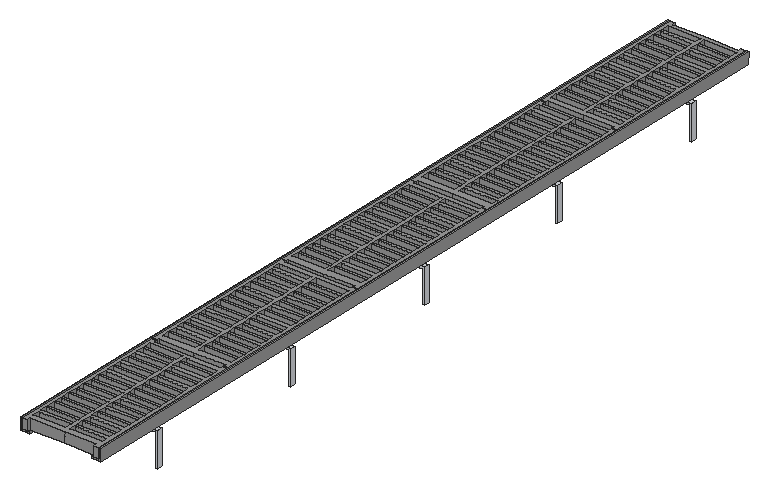
Revit family "Frame_Grate_12_Inch_Frame_Z712-HDG", category Plumbing Fixtures, Revit 2022 (continued)
Dimensions and locks (in)
  equal spacing: plane 42, plane 3 "Center (Left/Right)", plane 41, locked at 0.25 each
  locked: plane 5 to plane 37 at 120
  equal spacing: plane 5, plane 1 "Center (Front/Back)", plane 37
  locked: Extrusion 3 sketch curve to Extrusion 3 sketch curve at 1  (x32)
  locked: Extrusion 3 sketch curve to Extrusion 3 sketch curve at 0.375  (x30)
  cut or joined group of Extrusion 2, Extrusion 3, Extrusion 5, Extrusion 6, Extrusion 7, Extrusion 8 to cut or joined group of Extrusion 2, Extrusion 3, Extrusion 5, Extrusion 6, Extrusion 7, Extrusion 8 = 23.940"
  locked: cut or joined group of Extrusion 2, Extrusion 3, Extrusion 5, Extrusion 6, Extrusion 7, Extrusion 8 to cut or joined group of Extrusion 2, Extrusion 3, Extrusion 5, Extrusion 6, Extrusion 7, Extrusion 8 at 0.4  (x4)
  cut or joined group of Extrusion 2, Extrusion 3, Extrusion 5, Extrusion 6, Extrusion 7, Extrusion 8 to cut or joined group of Extrusion 2, Extrusion 3, Extrusion 5, Extrusion 6, Extrusion 7, Extrusion 8 = 0.688"
  cut or joined group of Extrusion 2, Extrusion 3, Extrusion 5, Extrusion 6, Extrusion 7, Extrusion 8 to curve 27 to cut or joined group of Extrusion 2, Extrusion 3, Extrusion 5, Extrusion 6, Extrusion 7, Extrusion 8 = 5.625" locked, 5.625" locked
  equal spacing: plane 44, curve 27, plane 43
  locked: plane 44 to plane 43 at 11.25
  locked: Extrusion 2 sketch curve to Extrusion 2 sketch curve at 0.688  (x4)
  Extrusion 3 to Extrusion 3 = 10.250"
  locked: Extrusion 5 sketch curve to Extrusion 5 sketch curve at 1  (x32)
  locked: Extrusion 5 sketch curve to Extrusion 5 sketch curve at 0.375  (x30)
  locked: Extrusion 6 sketch curve to Extrusion 6 sketch curve at 1  (x32)
  locked: Extrusion 6 sketch curve to Extrusion 6 sketch curve at 0.375  (x30)
  locked: Extrusion 7 sketch curve to Extrusion 7 sketch curve at 1  (x32)
  locked: Extrusion 7 sketch curve to Extrusion 7 sketch curve at 0.375  (x30)
  locked: Extrusion 8 sketch curve to Extrusion 8 sketch curve at 1  (x32)
  locked: Extrusion 8 sketch curve to Extrusion 8 sketch curve at 0.375  (x30)
  locked: Extrusion 4 sketch curve to Extrusion 4 sketch curve at 0.25
  locked: Extrusion 9 sketch curve to Extrusion 9 sketch curve at 0.25  (x2)
  Extrusion 10 sketch curve to Extrusion 10 sketch curve = 5.000"
  locked: Extrusion 10 sketch curve to Extrusion 10 sketch curve at 0.25  (x2)
  locked: Extrusion 11 sketch curve to Extrusion 11 sketch curve at 0.25  (x2)
  locked: Extrusion 12 sketch curve to Extrusion 12 sketch curve at 0.25  (x2)
  locked: Extrusion 10 to Extrusion 9 at 24
  locked: Extrusion 9 to Extrusion 4 at 24
  locked: Extrusion 4 to Extrusion 11 at 24
  locked: Extrusion 11 to Extrusion 12 at 24
  locked: Extrusion 10 to Extrusion 10 at 0.75  (x2)
  locked: Extrusion 9 to Extrusion 9 at 0.75  (x2)
  locked: Extrusion 11 to Extrusion 11 at 0.75  (x2)
  locked: Extrusion 12 to Extrusion 12 at 0.75  (x2)
  locked: Extrusion 12 to plane 37 at 9.75
  locked: plane 5 to Extrusion 10 at 10.5
  locked: plane 37 to Extrusion 12 at 9.75
  locked: Extrusion 12 to Extrusion 11 at 24
  locked: Extrusion 11 to Extrusion 4 at 24
  locked: Extrusion 4 to Extrusion 9 at 24
  locked: Extrusion 9 to Extrusion 10 at 24
  locked: Extrusion 10 to plane 5 at 10.5
  locked: Extrusion 13 sketch curve to Extrusion 13 sketch curve at 1  (x32)
  locked: Extrusion 13 sketch curve to Extrusion 13 sketch curve at 0.375  (x30)
  locked: Extrusion 14 sketch curve to Extrusion 14 sketch curve at 1  (x32)
  locked: Extrusion 14 sketch curve to Extrusion 14 sketch curve at 0.375  (x30)
  locked: Extrusion 15 sketch curve to Extrusion 15 sketch curve at 1  (x32)
  locked: Extrusion 15 sketch curve to Extrusion 15 sketch curve at 0.375  (x30)
  locked: Extrusion 16 sketch curve to Extrusion 16 sketch curve at 1  (x32)
  locked: Extrusion 16 sketch curve to Extrusion 16 sketch curve at 0.375  (x30)
  locked: Extrusion 17 sketch curve to Extrusion 17 sketch curve at 1  (x32)
  locked: Extrusion 17 sketch curve to Extrusion 17 sketch curve at 0.375  (x30)
  locked: level to plane 6 at 1.75
  locked: level to plane 16 at 1.5
  locked: plane 6 to plane 72 at 5
  Extrusion 11 to Extrusion 11 = 0.750"
  equal spacing: plane 73, plane 3 "Center (Left/Right)", plane 74, locked at 6.548 each
  equal spacing: plane 76, plane 3 "Center (Left/Right)", plane 75, locked at 6.298 each
  locked: plane 85 to plane 37 at 9.75
  locked: plane 85 to plane 84 at 0.75
  locked: plane 81 to plane 1 "Center (Front/Back)" at 0.75
  locked: plane 79 to plane 80 at 0.75
  plane 5 to plane 77 to plane 78 = 10.500" locked, 0.750"
  locked: plane 17 to plane 83 at 1.19
  locked: plane 82 to plane 83 at 0.75
  locked: plane 22 to plane 79 at 0.378
  aligned and locked: plane 2 to level
  aligned and locked: Extrusion 1 sketch curve to level
  aligned and locked: plane 12 to Extrusion 1 sketch curve  (x2)
  aligned and locked: level to Extrusion 1 sketch curve  (x2)
  aligned and locked: Extrusion 1 sketch curve to plane 6
  aligned and locked: Extrusion 1 sketch curve to plane 9
  aligned and locked: plane 11 to Extrusion 1 sketch curve
  aligned and locked: plane 6 to Extrusion 1 sketch curve
  aligned and locked: Extrusion 1 sketch curve to plane 13
  aligned and locked: plane 13 to Extrusion 1 sketch curve  (x3)
  aligned and locked: Extrusion 1 sketch curve to plane 8
  aligned and locked: plane 15 to Extrusion 1 sketch curve  (x2)
  aligned and locked: plane 14 to Extrusion 1 sketch curve  (x2)
  aligned and locked: plane 16 to Extrusion 1  (x2)
  aligned and locked: Extrusion 2 sketch curve to plane 25
  aligned and locked: Extrusion 2 sketch curve to Extrusion 2 sketch curve  (x16)
  aligned and locked: plane 26 to Extrusion 2 sketch curve  (x2)
  aligned and locked: plane 27 to Extrusion 2 sketch curve  (x2)
  aligned and locked: plane 28 to Extrusion 2 sketch curve  (x2)
  aligned and locked: curve 1 to plane 5
  aligned and locked: plane 37 to curve 3
  aligned and locked: Extrusion 2 sketch curve to plane 44
  aligned and locked: cut or joined group of Extrusion 2, Extrusion 3, Extrusion 5, Extrusion 6, Extrusion 7, Extrusion 8 to plane 40  (x37)
  aligned and locked: plane 40 to cut or joined group of Extrusion 2, Extrusion 3, Extrusion 5, Extrusion 6, Extrusion 7, Extrusion 8  (x18)
  aligned and locked: plane 39 to cut or joined group of Extrusion 2, Extrusion 3, Extrusion 5, Extrusion 6, Extrusion 7, Extrusion 8  (x75)
  aligned and locked: plane 42 to cut or joined group of Extrusion 2, Extrusion 3, Extrusion 5, Extrusion 6, Extrusion 7, Extrusion 8  (x16)
  aligned and locked: cut or joined group of Extrusion 2, Extrusion 3, Extrusion 5, Extrusion 6, Extrusion 7, Extrusion 8 to cut or joined group of Extrusion 2, Extrusion 3, Extrusion 5, Extrusion 6, Extrusion 7, Extrusion 8
  aligned and locked: cut or joined group of Extrusion 2, Extrusion 3, Extrusion 5, Extrusion 6, Extrusion 7, Extrusion 8 to plane 41  (x16)
  aligned and locked: plane 7 to Extrusion 12 sketch curve
  aligned and locked: Extrusion 12 sketch curve to plane 6  (x2)
  aligned and locked: plane 40 to Extrusion 12 sketch curve
  aligned and locked: Extrusion 12 sketch curve to plane 7
  aligned and locked: Extrusion 11 sketch curve to plane 7
  aligned and locked: Extrusion 4 sketch curve to plane 7  (x2)
  aligned and locked: plane 7 to Extrusion 9 sketch curve
  aligned and locked: Extrusion 9 sketch curve to plane 6  (x2)
  aligned and locked: Extrusion 9 sketch curve to plane 7
  aligned and locked: plane 7 to Extrusion 10 sketch curve
  aligned and locked: plane 7 to Extrusion 11 sketch curve
  aligned and locked: Extrusion 11 sketch curve to plane 6  (x2)
  aligned and locked: plane 39 to Extrusion 12 sketch curve
  aligned and locked: plane 39 to Extrusion 11 sketch curve
  aligned and locked: plane 39 to Extrusion 4 sketch curve
  aligned and locked: plane 40 to Extrusion 4 sketch curve
  aligned and locked: plane 40 to Extrusion 9 sketch curve
  aligned and locked: plane 39 to Extrusion 9 sketch curve
  aligned and locked: plane 39 to Extrusion 10 sketch curve
  aligned and locked: plane 40 to Extrusion 10 sketch curve
  aligned and locked: plane 72 to Extrusion 12 sketch curve
  aligned and locked: Extrusion 12 sketch curve to plane 72
  aligned and locked: plane 72 to Extrusion 11 sketch curve
  aligned and locked: Extrusion 11 sketch curve to plane 72
  aligned and locked: Extrusion 4 sketch curve to plane 72  (x2)
  aligned and locked: Extrusion 9 sketch curve to plane 72
  aligned and locked: Extrusion 10 sketch curve to plane 72  (x2)
  aligned and locked: cut or joined group of Extrusion 1, Extrusion 3, Extrusion 5, Extrusion 6, Extrusion 7, Extrusion 8 to plane 37
  aligned and locked: plane 5 to cut or joined group of Extrusion 1, Extrusion 3, Extrusion 5, Extrusion 6, Extrusion 7, Extrusion 8
  aligned and locked: Extrusion 12 sketch curve to plane 73
  aligned and locked: Extrusion 12 sketch curve to plane 74
  aligned and locked: plane 75 to Extrusion 11 sketch curve
  aligned and locked: Extrusion 11 sketch curve to plane 73
  aligned and locked: plane 75 to Extrusion 4 sketch curve
  aligned and locked: Extrusion 4 sketch curve to plane 6
  aligned and locked: Extrusion 4 sketch curve to plane 76
  aligned and locked: Extrusion 4 sketch curve to plane 73
  aligned and locked: plane 72 to Extrusion 9 sketch curve
  aligned and locked: plane 75 to Extrusion 9 sketch curve
  aligned and locked: Extrusion 10 sketch curve to plane 73
  aligned and locked: plane 75 to Extrusion 10 sketch curve
  aligned and locked: Extrusion 10 sketch curve to plane 7
  aligned and locked: Extrusion 10 sketch curve to plane 6
  aligned and locked: plane 76 to Extrusion 9 sketch curve
  aligned and locked: plane 73 to Extrusion 10  (x2)
  aligned and locked: curve 4 to cut or joined group of Extrusion 1, Extrusion 3, Extrusion 5, Extrusion 6, Extrusion 7, Extrusion 8
  aligned and locked: plane 73 to Extrusion 9  (x3)
  aligned and locked: plane 9 to cut or joined group of Extrusion 1, Extrusion 3, Extrusion 5, Extrusion 6, Extrusion 7, Extrusion 8
  aligned and locked: plane 73 to Extrusion 4
  aligned and locked: plane 9 to Masking region 1  (x6)
  aligned and locked: plane 73 to Extrusion 12
  aligned and locked: plane 73 to Extrusion 11  (x2)
  aligned and locked: plane 73 to Masking region 1  (x5)
  aligned and locked: plane 5 to Masking region 1
  aligned and locked: cut or joined group of Extrusion 1, Extrusion 3, Extrusion 5, Extrusion 6, Extrusion 7, Extrusion 8 to plane 8  (x5)
  aligned and locked: Extrusion 10 to plane 74
  aligned and locked: Extrusion 9 to plane 74
  aligned and locked: Extrusion 4 to plane 74
  aligned and locked: Extrusion 11 to plane 74
  aligned and locked: Extrusion 12 to plane 74
  aligned and locked: Masking region 1 to plane 37
  aligned and locked: cut or joined group of Extrusion 1, Extrusion 3, Extrusion 5, Extrusion 6, Extrusion 7, Extrusion 8 to plane 9  (x3)
  aligned and locked: Masking region 1 to plane 8  (x6)
  aligned and locked: plane 77 to Extrusion 10
  aligned and locked: Extrusion 10 to plane 78
  aligned and locked: plane 77 to Masking region 1  (x2)
  aligned and locked: Masking region 1 to plane 78  (x2)
  aligned and locked: plane 85 to Extrusion 12
  aligned and locked: plane 85 to Masking region 1  (x2)
  aligned and locked: plane 84 to Extrusion 12
  aligned and locked: plane 84 to Masking region 1  (x2)
  aligned and locked: Extrusion 11 to plane 82
  aligned and locked: Masking region 1 to plane 82  (x2)
  aligned and locked: Extrusion 11 to plane 83
  aligned and locked: Masking region 1 to plane 83  (x2)
  aligned and locked: Extrusion 4 to plane 81
  aligned and locked: Masking region 1 to plane 81  (x2)
  aligned and locked: Extrusion 4 to plane 1 "Center (Front/Back)"
  aligned and locked: Masking region 1 to plane 1 "Center (Front/Back)"  (x2)
  aligned and locked: Extrusion 9 to plane 80
  aligned and locked: Extrusion 9 to plane 79
  aligned and locked: Masking region 1 to plane 79  (x2)
  aligned and locked: Masking region 1 to plane 80  (x2)
  aligned and locked: plane 78 to Extrusion 10  (x6)
  aligned and locked: Extrusion 10 to plane 77  (x6)
  aligned and locked: Masking region 1 to plane 74  (x4)
  aligned and locked: plane 1 "Center (Front/Back)" to Extrusion 4  (x3)
  aligned and locked: plane 81 to Extrusion 4  (x4)
  aligned and locked: plane 80 to Extrusion 9  (x3)
  aligned and locked: plane 79 to Extrusion 9  (x3)
  aligned and locked: plane 74 to Extrusion 10
  aligned and locked: plane 74 to Extrusion 4
  aligned and locked: plane 74 to Extrusion 11
  aligned and locked: plane 82 to Extrusion 11
  aligned and locked: plane 83 to Extrusion 11
  aligned and locked: Extrusion 12 to plane 84
  aligned and locked: Extrusion 12 to plane 85
Automatic sketch dimensions
  plane 36 to Extrusion 3 sketch curve = 0.4125"
  Extrusion 3 sketch curve to plane 36 = 1.9625"
  Extrusion 3 sketch curve to Extrusion 3 sketch curve = 0.000"  (x46)
  Extrusion 3 sketch curve to Extrusion 3 sketch curve = 4.875"  (x2)
  Extrusion 3 sketch curve to Extrusion 3 sketch curve = 0.500"  (x15)
  plane 47 to Extrusion 5 sketch curve = 0.4125"
  Extrusion 5 sketch curve to plane 47 = 1.9625"
  Extrusion 5 sketch curve to Extrusion 5 sketch curve = 0.000"  (x46)
  Extrusion 5 sketch curve to Extrusion 5 sketch curve = 4.875"  (x2)
  Extrusion 5 sketch curve to Extrusion 5 sketch curve = 0.500"  (x15)
  plane 50 to Extrusion 6 sketch curve = 0.4125"
  Extrusion 6 sketch curve to plane 50 = 1.9625"
  Extrusion 6 sketch curve to Extrusion 6 sketch curve = 0.000"  (x46)
  Extrusion 6 sketch curve to Extrusion 6 sketch curve = 4.875"  (x2)
  Extrusion 6 sketch curve to Extrusion 6 sketch curve = 0.500"  (x15)
  plane 53 to Extrusion 7 sketch curve = 0.4125"
  Extrusion 7 sketch curve to plane 53 = 1.9625"
  Extrusion 7 sketch curve to Extrusion 7 sketch curve = 0.000"  (x44)
  Extrusion 7 sketch curve to Extrusion 7 sketch curve = 0.125"  (x2)
  Extrusion 7 sketch curve to Extrusion 7 sketch curve = 4.875"  (x2)
  Extrusion 7 sketch curve to Extrusion 7 sketch curve = 0.500"  (x15)
  plane 56 to Extrusion 8 sketch curve = 0.4125"
  Extrusion 8 sketch curve to plane 56 = 1.9625"
  Extrusion 8 sketch curve to Extrusion 8 sketch curve = 0.000"  (x46)
  Extrusion 8 sketch curve to Extrusion 8 sketch curve = 4.875"  (x2)
  Extrusion 8 sketch curve to Extrusion 8 sketch curve = 0.500"  (x15)
  Extrusion 2 sketch curve to plane 44 = 0.000"  (x4)
  Extrusion 2 sketch curve to plane 5 = 0.000"  (x2)
  Extrusion 2 sketch curve to plane 41 = 0.000"  (x10)
  Extrusion 2 sketch curve to plane 43 = 0.000"  (x5)
  Extrusion 2 sketch curve to plane 31 = 0.0625"  (x4)
  Extrusion 2 sketch curve to Extrusion 2 sketch curve = 0.000"  (x2)
  Extrusion 2 sketch curve to plane 39 = 0.188"
  plane 26 to Extrusion 2 sketch curve = 0.100"  (x2)
  Extrusion 2 sketch curve to Extrusion 2 sketch curve = 0.30559"  (x4)
  Extrusion 2 sketch curve to Extrusion 2 sketch curve = 0.04729"
  Extrusion 2 sketch curve to Extrusion 2 sketch curve = 0.05271"  (x2)
  Extrusion 2 sketch curve to Extrusion 2 sketch curve = 0.400"
  Extrusion 2 sketch curve to Extrusion 2 sketch curve = 0.100"
  Extrusion 2 sketch curve to plane 5 = 0.400"
  plane 59 to Extrusion 13 sketch curve = 0.4125"
  Extrusion 13 sketch curve to plane 59 = 1.9625"
  Extrusion 13 sketch curve to Extrusion 13 sketch curve = 0.000"  (x46)
  Extrusion 13 sketch curve to Extrusion 13 sketch curve = 4.875"  (x2)
  Extrusion 13 sketch curve to Extrusion 13 sketch curve = 0.500"  (x15)
  plane 62 to Extrusion 14 sketch curve = 0.4125"
  Extrusion 14 sketch curve to plane 62 = 1.9625"
  Extrusion 14 sketch curve to Extrusion 14 sketch curve = 0.000"  (x46)
  Extrusion 14 sketch curve to Extrusion 14 sketch curve = 4.875"  (x2)
  Extrusion 14 sketch curve to Extrusion 14 sketch curve = 0.500"  (x15)
  plane 65 to Extrusion 15 sketch curve = 0.4125"
  Extrusion 15 sketch curve to plane 65 = 1.9625"
  Extrusion 15 sketch curve to Extrusion 15 sketch curve = 0.000"  (x46)
  Extrusion 15 sketch curve to Extrusion 15 sketch curve = 4.875"  (x2)
  Extrusion 15 sketch curve to Extrusion 15 sketch curve = 0.500"  (x15)
  plane 68 to Extrusion 16 sketch curve = 0.4125"
  Extrusion 16 sketch curve to plane 68 = 1.9625"
  Extrusion 16 sketch curve to Extrusion 16 sketch curve = 0.000"  (x44)
  Extrusion 16 sketch curve to Extrusion 16 sketch curve = 0.125"  (x2)
  Extrusion 16 sketch curve to Extrusion 16 sketch curve = 4.875"  (x2)
  Extrusion 16 sketch curve to Extrusion 16 sketch curve = 0.500"  (x15)
  plane 71 to Extrusion 17 sketch curve = 0.4125"
  Extrusion 17 sketch curve to plane 71 = 1.9625"
  Extrusion 17 sketch curve to Extrusion 17 sketch curve = 0.000"  (x46)
  Extrusion 17 sketch curve to Extrusion 17 sketch curve = 4.875"  (x2)
  Extrusion 17 sketch curve to Extrusion 17 sketch curve = 0.500"  (x15)
  Extrusion 11 sketch curve to plane 40 = 0.000"
  Extrusion 4 sketch curve to plane 6 = 0.000"
  Masking region 1 sketch curve to plane 1 "Center (Front/Back)" = 0.000"  (x2)
  plane 74 to Masking region 1 sketch curve = 0.000"  (x5)
  plane 8 to Masking region 1 sketch curve = 0.000"  (x5)
  Masking region 1 sketch curve to plane 8 = 0.000"
  plane 4 to Masking region 1 sketch curve = 0.000"
  plane 9 to Masking region 1 sketch curve = 0.000"  (x5)
  Masking region 1 sketch curve to plane 9 = 0.000"
  plane 73 to Masking region 1 sketch curve = 0.000"  (x5)
  plane 5 to Masking region 1 sketch curve = 0.000"
  Masking region 1 sketch curve to plane 38 = 2.721"  (x2)
  Masking region 1 sketch curve to Masking region 1 sketch curve = 0.750"  (x6)
  Masking region 1 sketch curve to plane 17 = 1.940"  (x2)
  plane 1 "Center (Front/Back)" to Masking region 1 sketch curve = 0.750"  (x2)
  Masking region 1 sketch curve to plane 22 = 0.378"  (x2)
  plane 29 to Masking region 1 sketch curve = 0.343"  (x2)
  Masking region 1 sketch curve to plane 5 = 11.250"  (x2)
